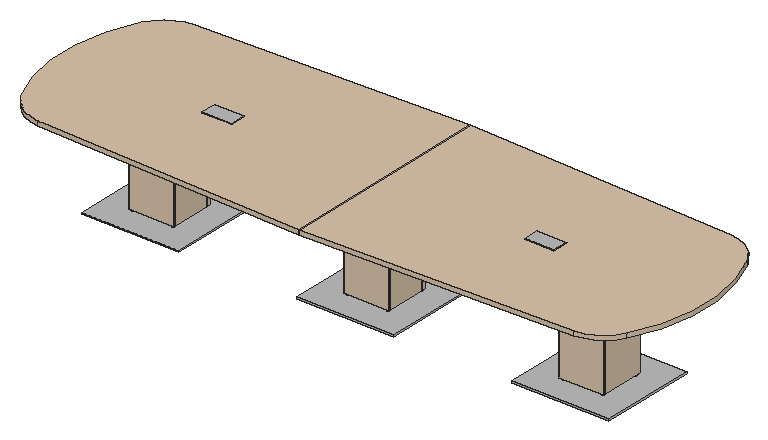
Revit family "Haworth_Planes_ColumnBaseConferenceTable_PebbleTwoPiece", category Furniture Systems, Revit 2018 (continued)
Definition of nested family "Haworth_Planes_Worksurface_Pebble_2Piece_PART"
  Definition of nested family "Haworth_Planes_Worksurface_Pebble48_TwoPiece_Part"
    Automatic sketch dimensions
      Extrusion 1 sketch curve to plane 1 "Center F/B" = 23.84"
      plane 1 "Center F/B" to Extrusion 2 sketch curve = 0"
      Extrusion 2 sketch curve to plane 3 "Center L/R" = 0"
      Extrusion 2 sketch curve to plane 3 "Center L/R" = 1.4139"  (x2)
      Extrusion 2 sketch curve to plane 3 "Center L/R" = 20.68"
      plane 1 "Center F/B" to Extrusion 2 sketch curve = 9.38407"
      Extrusion 2 sketch curve to Extrusion 2 sketch curve = 31.63762"
      Extrusion 2 sketch curve to Extrusion 2 sketch curve = 0"  (x4)
      plane 1 "Center F/B" to Extrusion 2 sketch curve = 23.84"
      Extrusion 2 sketch curve to Extrusion 2 sketch curve = 492.68669"  (x2)
      Extrusion 2 sketch curve to plane 1 "Center F/B" = 9.38407"
      Extrusion 2 sketch curve to plane 1 "Center F/B" = 23.84"
      plane 1 "Center F/B" to Extrusion 3 sketch curve = 0"
      Extrusion 3 sketch curve to plane 3 "Center L/R" = 0"
      Extrusion 3 sketch curve to plane 3 "Center L/R" = 1.41461"  (x2)
      Extrusion 3 sketch curve to plane 3 "Center L/R" = 23.68"
      plane 1 "Center F/B" to Extrusion 3 sketch curve = 9.3846"
      Extrusion 3 sketch curve to Extrusion 3 sketch curve = 31.63747"
      Extrusion 3 sketch curve to Extrusion 3 sketch curve = 0"  (x4)
      plane 1 "Center F/B" to Extrusion 3 sketch curve = 23.84"
      Extrusion 3 sketch curve to Extrusion 3 sketch curve = 556.80664"  (x2)
      Extrusion 3 sketch curve to plane 1 "Center F/B" = 9.3846"
      Extrusion 3 sketch curve to plane 1 "Center F/B" = 23.84"
      plane 1 "Center F/B" to Extrusion 4 sketch curve = 0"
      Extrusion 4 sketch curve to plane 3 "Center L/R" = 0"
      Extrusion 4 sketch curve to plane 3 "Center L/R" = 1.41698"  (x2)
      Extrusion 4 sketch curve to plane 3 "Center L/R" = 26.68"
      plane 1 "Center F/B" to Extrusion 4 sketch curve = 9.38473"
      Extrusion 4 sketch curve to Extrusion 4 sketch curve = 31.63743"
      Extrusion 4 sketch curve to Extrusion 4 sketch curve = 0"  (x4)
      plane 1 "Center F/B" to Extrusion 4 sketch curve = 23.84"
      Extrusion 4 sketch curve to Extrusion 4 sketch curve = 624.47594"  (x2)
      Extrusion 4 sketch curve to plane 1 "Center F/B" = 9.38473"
      Extrusion 4 sketch curve to plane 1 "Center F/B" = 23.84"
      plane 1 "Center F/B" to Extrusion 5 sketch curve = 0"
      Extrusion 5 sketch curve to plane 3 "Center L/R" = 0"
      Extrusion 5 sketch curve to plane 3 "Center L/R" = 1.41559"  (x2)
      Extrusion 5 sketch curve to plane 3 "Center L/R" = 29.68"
      Extrusion 5 sketch curve to plane 1 "Center F/B" = 9.38462"
      Extrusion 5 sketch curve to Extrusion 5 sketch curve = 31.63746"
      plane 1 "Center F/B" to Extrusion 5 sketch curve = 9.38462"
      Extrusion 5 sketch curve to Extrusion 5 sketch curve = 0"  (x4)
      plane 1 "Center F/B" to Extrusion 5 sketch curve = 23.84"
      Extrusion 5 sketch curve to Extrusion 5 sketch curve = 695.83328"  (x2)
      Extrusion 5 sketch curve to plane 1 "Center F/B" = 23.84"
      plane 1 "Center F/B" to Extrusion 6 sketch curve = 0"
      Extrusion 6 sketch curve to plane 3 "Center L/R" = 0"
      Extrusion 6 sketch curve to plane 3 "Center L/R" = 1.41824"  (x2)
      Extrusion 6 sketch curve to plane 3 "Center L/R" = 32.68"
      Extrusion 6 sketch curve to plane 1 "Center F/B" = 9.38431"
      Extrusion 6 sketch curve to Extrusion 6 sketch curve = 31.63755"
      plane 1 "Center F/B" to Extrusion 6 sketch curve = 9.38431"
      Extrusion 6 sketch curve to Extrusion 6 sketch curve = 0"  (x4)
      plane 1 "Center F/B" to Extrusion 6 sketch curve = 23.84"
      Extrusion 6 sketch curve to Extrusion 6 sketch curve = 770.68625"  (x2)
      Extrusion 6 sketch curve to plane 1 "Center F/B" = 23.84"
      plane 1 "Center F/B" to Extrusion 7 sketch curve = 0"
      Extrusion 7 sketch curve to plane 3 "Center L/R" = 0"
      Extrusion 7 sketch curve to plane 3 "Center L/R" = 1.41032"  (x2)
      Extrusion 7 sketch curve to plane 3 "Center L/R" = 35.68"
      Extrusion 7 sketch curve to plane 1 "Center F/B" = 9.38388"
      Extrusion 7 sketch curve to Extrusion 7 sketch curve = 31.63768"
      plane 1 "Center F/B" to Extrusion 7 sketch curve = 9.38388"
      Extrusion 7 sketch curve to Extrusion 7 sketch curve = 0"  (x4)
      plane 1 "Center F/B" to Extrusion 7 sketch curve = 23.84"
      Extrusion 7 sketch curve to Extrusion 7 sketch curve = 849.42626"  (x2)
      Extrusion 7 sketch curve to plane 1 "Center F/B" = 23.84"
      plane 1 "Center F/B" to Extrusion 8 sketch curve = 0"
      Extrusion 8 sketch curve to plane 3 "Center L/R" = 0"
      Extrusion 8 sketch curve to plane 3 "Center L/R" = 1.39882"  (x2)
      Extrusion 8 sketch curve to plane 3 "Center L/R" = 38.68"
      plane 1 "Center F/B" to Extrusion 8 sketch curve = 9.38335"
      Extrusion 8 sketch curve to Extrusion 8 sketch curve = 31.63784"
      Extrusion 8 sketch curve to Extrusion 8 sketch curve = 0"  (x4)
      plane 1 "Center F/B" to Extrusion 8 sketch curve = 23.84"
      Extrusion 8 sketch curve to Extrusion 8 sketch curve = 931.8852"  (x2)
      Extrusion 8 sketch curve to plane 1 "Center F/B" = 9.38335"
      Extrusion 8 sketch curve to plane 1 "Center F/B" = 23.84"
      plane 1 "Center F/B" to Extrusion 9 sketch curve = 0"
      Extrusion 9 sketch curve to plane 3 "Center L/R" = 0"
      Extrusion 9 sketch curve to plane 3 "Center L/R" = 1.38351"  (x2)
      Extrusion 9 sketch curve to plane 3 "Center L/R" = 41.68"
      plane 1 "Center F/B" to Extrusion 9 sketch curve = 9.38273"
      Extrusion 9 sketch curve to Extrusion 9 sketch curve = 31.63802"
      Extrusion 9 sketch curve to Extrusion 9 sketch curve = 0"  (x4)
      plane 1 "Center F/B" to Extrusion 9 sketch curve = 23.84"
      Extrusion 9 sketch curve to Extrusion 9 sketch curve = 1018.07506"  (x2)
      Extrusion 9 sketch curve to plane 1 "Center F/B" = 9.38273"
      Extrusion 9 sketch curve to plane 1 "Center F/B" = 23.84"
      plane 1 "Center F/B" to Extrusion 10 sketch curve = 0"
      Extrusion 10 sketch curve to plane 3 "Center L/R" = 0"
      Extrusion 10 sketch curve to plane 3 "Center L/R" = 1.42036"  (x2)
      Extrusion 10 sketch curve to plane 3 "Center L/R" = 44.68"
      plane 1 "Center F/B" to Extrusion 10 sketch curve = 9.38212"
      Extrusion 10 sketch curve to Extrusion 10 sketch curve = 31.6382"
      Extrusion 10 sketch curve to Extrusion 10 sketch curve = 0"  (x4)
      plane 1 "Center F/B" to Extrusion 10 sketch curve = 23.84"
      Extrusion 10 sketch curve to Extrusion 10 sketch curve = 1106.30575"  (x2)
      Extrusion 10 sketch curve to plane 1 "Center F/B" = 9.38212"
      Extrusion 10 sketch curve to plane 1 "Center F/B" = 23.84"
      plane 1 "Center F/B" to Masking region 1 sketch curve = 0"
      Masking region 1 sketch curve to plane 3 "Center L/R" = 0"
      Masking region 1 sketch curve to plane 3 "Center L/R" = 1.20585"  (x2)
      Masking region 1 sketch curve to plane 3 "Center L/R" = 17.68"
      plane 1 "Center F/B" to Masking region 1 sketch curve = 9.38323"
      Masking region 1 sketch curve to Masking region 1 sketch curve = 31.63787"
      Masking region 1 sketch curve to Masking region 1 sketch curve = 0"  (x4)
      plane 1 "Center F/B" to Masking region 1 sketch curve = 23.84"
      Masking region 1 sketch curve to Masking region 1 sketch curve = 436.36008"  (x2)
      Masking region 1 sketch curve to plane 1 "Center F/B" = 9.38323"
      Masking region 1 sketch curve to plane 1 "Center F/B" = 23.84"
      plane 1 "Center F/B" to Masking region 2 sketch curve = 0"
      Masking region 2 sketch curve to plane 3 "Center L/R" = 0"
      Masking region 2 sketch curve to plane 3 "Center L/R" = 1.4139"  (x2)
      Masking region 2 sketch curve to plane 3 "Center L/R" = 20.68"
      plane 1 "Center F/B" to Masking region 2 sketch curve = 9.38407"
      Masking region 2 sketch curve to Masking region 2 sketch curve = 31.63762"
      Masking region 2 sketch curve to Masking region 2 sketch curve = 0"  (x4)
      plane 1 "Center F/B" to Masking region 2 sketch curve = 23.84"
      Masking region 2 sketch curve to Masking region 2 sketch curve = 492.68669"  (x2)
      Masking region 2 sketch curve to plane 1 "Center F/B" = 9.38407"
      Masking region 2 sketch curve to plane 1 "Center F/B" = 23.84"
      plane 1 "Center F/B" to Masking region 3 sketch curve = 0"
      Masking region 3 sketch curve to plane 3 "Center L/R" = 0"
      Masking region 3 sketch curve to plane 3 "Center L/R" = 1.41461"  (x2)
      Masking region 3 sketch curve to plane 3 "Center L/R" = 23.68"
      plane 1 "Center F/B" to Masking region 3 sketch curve = 9.3846"
      Masking region 3 sketch curve to Masking region 3 sketch curve = 31.63747"
      Masking region 3 sketch curve to Masking region 3 sketch curve = 0"  (x4)
      plane 1 "Center F/B" to Masking region 3 sketch curve = 23.84"
      Masking region 3 sketch curve to Masking region 3 sketch curve = 556.80664"  (x2)
      Masking region 3 sketch curve to plane 1 "Center F/B" = 9.3846"
      Masking region 3 sketch curve to plane 1 "Center F/B" = 23.84"
      plane 1 "Center F/B" to Masking region 4 sketch curve = 0"
      Masking region 4 sketch curve to plane 3 "Center L/R" = 0"
      Masking region 4 sketch curve to plane 3 "Center L/R" = 1.41698"  (x2)
      Masking region 4 sketch curve to plane 3 "Center L/R" = 26.68"
      plane 1 "Center F/B" to Masking region 4 sketch curve = 9.38473"
      Masking region 4 sketch curve to Masking region 4 sketch curve = 31.63743"
      Masking region 4 sketch curve to Masking region 4 sketch curve = 0"  (x4)
      plane 1 "Center F/B" to Masking region 4 sketch curve = 23.84"
      Masking region 4 sketch curve to Masking region 4 sketch curve = 624.47594"  (x2)
      Masking region 4 sketch curve to plane 1 "Center F/B" = 9.38473"
      Masking region 4 sketch curve to plane 1 "Center F/B" = 23.84"
      plane 1 "Center F/B" to Masking region 5 sketch curve = 0"
      Masking region 5 sketch curve to plane 3 "Center L/R" = 0"
      Masking region 5 sketch curve to plane 3 "Center L/R" = 1.41559"  (x2)
      Masking region 5 sketch curve to plane 3 "Center L/R" = 29.68"
      plane 1 "Center F/B" to Masking region 5 sketch curve = 9.38462"
      Masking region 5 sketch curve to Masking region 5 sketch curve = 31.63746"
      Masking region 5 sketch curve to Masking region 5 sketch curve = 0"  (x4)
      plane 1 "Center F/B" to Masking region 5 sketch curve = 23.84"
      Masking region 5 sketch curve to Masking region 5 sketch curve = 695.83328"  (x2)
      Masking region 5 sketch curve to plane 1 "Center F/B" = 9.38462"
      Masking region 5 sketch curve to plane 1 "Center F/B" = 23.84"
      plane 1 "Center F/B" to Masking region 6 sketch curve = 0"
      Masking region 6 sketch curve to plane 3 "Center L/R" = 0"
      Masking region 6 sketch curve to plane 3 "Center L/R" = 1.41824"  (x2)
      Masking region 6 sketch curve to plane 3 "Center L/R" = 32.68"
      plane 1 "Center F/B" to Masking region 6 sketch curve = 9.38431"
      Masking region 6 sketch curve to Masking region 6 sketch curve = 31.63755"
      Masking region 6 sketch curve to Masking region 6 sketch curve = 0"  (x4)
      plane 1 "Center F/B" to Masking region 6 sketch curve = 23.84"
      Masking region 6 sketch curve to Masking region 6 sketch curve = 770.68625"  (x2)
      Masking region 6 sketch curve to plane 1 "Center F/B" = 9.38431"
      Masking region 6 sketch curve to plane 1 "Center F/B" = 23.84"
      plane 1 "Center F/B" to Masking region 7 sketch curve = 0"
      Masking region 7 sketch curve to plane 3 "Center L/R" = 0"
      Masking region 7 sketch curve to plane 3 "Center L/R" = 1.41032"  (x2)
      Masking region 7 sketch curve to plane 3 "Center L/R" = 35.68"
      plane 1 "Center F/B" to Masking region 7 sketch curve = 9.38388"
      Masking region 7 sketch curve to Masking region 7 sketch curve = 31.63768"
      Masking region 7 sketch curve to Masking region 7 sketch curve = 0"  (x4)
      plane 1 "Center F/B" to Masking region 7 sketch curve = 23.84"
      Masking region 7 sketch curve to Masking region 7 sketch curve = 849.42626"  (x2)
      Masking region 7 sketch curve to plane 1 "Center F/B" = 9.38388"
      Masking region 7 sketch curve to plane 1 "Center F/B" = 23.84"
      plane 1 "Center F/B" to Masking region 8 sketch curve = 0"
      Masking region 8 sketch curve to plane 3 "Center L/R" = 0"
      Masking region 8 sketch curve to plane 3 "Center L/R" = 1.39882"  (x2)
      Masking region 8 sketch curve to plane 3 "Center L/R" = 38.68"
      plane 1 "Center F/B" to Masking region 8 sketch curve = 9.38335"
      Masking region 8 sketch curve to Masking region 8 sketch curve = 31.63784"
      Masking region 8 sketch curve to Masking region 8 sketch curve = 0"  (x4)
      plane 1 "Center F/B" to Masking region 8 sketch curve = 23.84"
      Masking region 8 sketch curve to Masking region 8 sketch curve = 931.8852"  (x2)
      Masking region 8 sketch curve to plane 1 "Center F/B" = 9.38335"
      Masking region 8 sketch curve to plane 1 "Center F/B" = 23.84"
      plane 1 "Center F/B" to Masking region 9 sketch curve = 0"
      Masking region 9 sketch curve to plane 3 "Center L/R" = 0"
      Masking region 9 sketch curve to plane 3 "Center L/R" = 1.38351"  (x2)
      Masking region 9 sketch curve to plane 3 "Center L/R" = 41.68"
      plane 1 "Center F/B" to Masking region 9 sketch curve = 9.38273"
      Masking region 9 sketch curve to Masking region 9 sketch curve = 31.63802"
      Masking region 9 sketch curve to Masking region 9 sketch curve = 0"  (x4)
      plane 1 "Center F/B" to Masking region 9 sketch curve = 23.84"
      Masking region 9 sketch curve to Masking region 9 sketch curve = 1018.07506"  (x2)
      Masking region 9 sketch curve to plane 1 "Center F/B" = 9.38273"
      Masking region 9 sketch curve to plane 1 "Center F/B" = 23.84"
      plane 1 "Center F/B" to Masking region 10 sketch curve = 0"
      Masking region 10 sketch curve to plane 3 "Center L/R" = 0"
      Masking region 10 sketch curve to plane 3 "Center L/R" = 1.42036"  (x2)
      Masking region 10 sketch curve to plane 3 "Center L/R" = 44.68"
      plane 1 "Center F/B" to Masking region 10 sketch curve = 9.38212"
      Masking region 10 sketch curve to Masking region 10 sketch curve = 31.6382"
      Masking region 10 sketch curve to Masking region 10 sketch curve = 0"  (x4)
      plane 1 "Center F/B" to Masking region 10 sketch curve = 23.84"
      Masking region 10 sketch curve to Masking region 10 sketch curve = 1106.30575"  (x2)
      Masking region 10 sketch curve to plane 1 "Center F/B" = 9.38212"
      Masking region 10 sketch curve to plane 1 "Center F/B" = 23.84"
      plane 1 "Center F/B" to Extrusion 11 sketch curve = 0"
      Extrusion 11 sketch curve to plane 3 "Center L/R" = 0"
      Extrusion 11 sketch curve to plane 3 "Center L/R" = 1.20585"  (x2)
      Extrusion 11 sketch curve to plane 3 "Center L/R" = 17.68"
      plane 1 "Center F/B" to Extrusion 11 sketch curve = 9.38323"
      Extrusion 11 sketch curve to Extrusion 11 sketch curve = 31.63787"
      Extrusion 11 sketch curve to plane 1 "Center F/B" = 9.38323"
      Extrusion 11 sketch curve to Extrusion 11 sketch curve = 0"  (x4)
      Extrusion 11 sketch curve to plane 1 "Center F/B" = 23.84"
      Extrusion 11 sketch curve to Extrusion 11 sketch curve = 436.36008"  (x2)
      plane 1 "Center F/B" to Extrusion 11 sketch curve = 23.84"
      plane 1 "Center F/B" to Extrusion 12 sketch curve = 0"
      Extrusion 12 sketch curve to plane 3 "Center L/R" = 0"
      Extrusion 12 sketch curve to plane 3 "Center L/R" = 1.4139"  (x2)
      Extrusion 12 sketch curve to plane 3 "Center L/R" = 20.68"
      Extrusion 12 sketch curve to plane 1 "Center F/B" = 9.38407"
      Extrusion 12 sketch curve to Extrusion 12 sketch curve = 31.63762"
      Extrusion 12 sketch curve to Extrusion 12 sketch curve = 0"  (x4)
      Extrusion 12 sketch curve to plane 1 "Center F/B" = 23.84"
      Extrusion 12 sketch curve to Extrusion 12 sketch curve = 492.68669"  (x2)
      plane 1 "Center F/B" to Extrusion 12 sketch curve = 9.38407"
      plane 1 "Center F/B" to Extrusion 12 sketch curve = 23.84"
      plane 1 "Center F/B" to Extrusion 13 sketch curve = 0"
      Extrusion 13 sketch curve to plane 3 "Center L/R" = 0"
      Extrusion 13 sketch curve to plane 3 "Center L/R" = 1.41461"  (x2)
      Extrusion 13 sketch curve to plane 3 "Center L/R" = 23.68"
      Extrusion 13 sketch curve to plane 1 "Center F/B" = 9.3846"
      Extrusion 13 sketch curve to Extrusion 13 sketch curve = 31.63747"
      Extrusion 13 sketch curve to Extrusion 13 sketch curve = 0"  (x4)
      Extrusion 13 sketch curve to plane 1 "Center F/B" = 23.84"
      Extrusion 13 sketch curve to Extrusion 13 sketch curve = 556.80664"  (x2)
      plane 1 "Center F/B" to Extrusion 13 sketch curve = 9.3846"
      plane 1 "Center F/B" to Extrusion 13 sketch curve = 23.84"
      plane 1 "Center F/B" to Extrusion 14 sketch curve = 0"
      Extrusion 14 sketch curve to plane 3 "Center L/R" = 0"
      Extrusion 14 sketch curve to plane 3 "Center L/R" = 1.41698"  (x2)
      Extrusion 14 sketch curve to plane 3 "Center L/R" = 26.68"
      Extrusion 14 sketch curve to plane 1 "Center F/B" = 9.38473"
      Extrusion 14 sketch curve to Extrusion 14 sketch curve = 31.63743"
      Extrusion 14 sketch curve to Extrusion 14 sketch curve = 0"  (x4)
      Extrusion 14 sketch curve to plane 1 "Center F/B" = 23.84"
      Extrusion 14 sketch curve to Extrusion 14 sketch curve = 624.47594"  (x2)
      plane 1 "Center F/B" to Extrusion 14 sketch curve = 9.38473"
      plane 1 "Center F/B" to Extrusion 14 sketch curve = 23.84"
      plane 1 "Center F/B" to Extrusion 15 sketch curve = 0"
      Extrusion 15 sketch curve to plane 3 "Center L/R" = 0"
      Extrusion 15 sketch curve to plane 3 "Center L/R" = 1.41559"  (x2)
      Extrusion 15 sketch curve to plane 3 "Center L/R" = 29.68"
      plane 1 "Center F/B" to Extrusion 15 sketch curve = 9.38462"
      Extrusion 15 sketch curve to Extrusion 15 sketch curve = 31.63746"
      Extrusion 15 sketch curve to plane 1 "Center F/B" = 9.38462"
      Extrusion 15 sketch curve to Extrusion 15 sketch curve = 0"  (x4)
      Extrusion 15 sketch curve to plane 1 "Center F/B" = 23.84"
      Extrusion 15 sketch curve to Extrusion 15 sketch curve = 695.83328"  (x2)
      plane 1 "Center F/B" to Extrusion 15 sketch curve = 23.84"
      plane 1 "Center F/B" to Extrusion 16 sketch curve = 0"
      Extrusion 16 sketch curve to plane 3 "Center L/R" = 0"
      Extrusion 16 sketch curve to plane 3 "Center L/R" = 1.41824"  (x2)
      Extrusion 16 sketch curve to plane 3 "Center L/R" = 32.68"
      plane 1 "Center F/B" to Extrusion 16 sketch curve = 9.38431"
      Extrusion 16 sketch curve to Extrusion 16 sketch curve = 31.63755"
      Extrusion 16 sketch curve to plane 1 "Center F/B" = 9.38431"
      Extrusion 16 sketch curve to Extrusion 16 sketch curve = 0"  (x4)
      Extrusion 16 sketch curve to plane 1 "Center F/B" = 23.84"
      Extrusion 16 sketch curve to Extrusion 16 sketch curve = 770.68625"  (x2)
      plane 1 "Center F/B" to Extrusion 16 sketch curve = 23.84"
      plane 1 "Center F/B" to Extrusion 17 sketch curve = 0"
      Extrusion 17 sketch curve to plane 3 "Center L/R" = 0"
      Extrusion 17 sketch curve to plane 3 "Center L/R" = 1.41032"  (x2)
      Extrusion 17 sketch curve to plane 3 "Center L/R" = 35.68"
      plane 1 "Center F/B" to Extrusion 17 sketch curve = 9.38388"
      Extrusion 17 sketch curve to Extrusion 17 sketch curve = 31.63768"
      Extrusion 17 sketch curve to plane 1 "Center F/B" = 9.38388"
      Extrusion 17 sketch curve to Extrusion 17 sketch curve = 0"  (x4)
      Extrusion 17 sketch curve to plane 1 "Center F/B" = 23.84"
      Extrusion 17 sketch curve to Extrusion 17 sketch curve = 849.42626"  (x2)
      plane 1 "Center F/B" to Extrusion 17 sketch curve = 23.84"
      plane 1 "Center F/B" to Extrusion 18 sketch curve = 0"
      Extrusion 18 sketch curve to plane 3 "Center L/R" = 0"
      Extrusion 18 sketch curve to plane 3 "Center L/R" = 1.39882"  (x2)
      Extrusion 18 sketch curve to plane 3 "Center L/R" = 38.68"
      Extrusion 18 sketch curve to plane 1 "Center F/B" = 9.38335"
      Extrusion 18 sketch curve to Extrusion 18 sketch curve = 31.63784"
      Extrusion 18 sketch curve to Extrusion 18 sketch curve = 0"  (x4)
      Extrusion 18 sketch curve to plane 1 "Center F/B" = 23.84"
      Extrusion 18 sketch curve to Extrusion 18 sketch curve = 931.8852"  (x2)
      plane 1 "Center F/B" to Extrusion 18 sketch curve = 9.38335"
      plane 1 "Center F/B" to Extrusion 18 sketch curve = 23.84"
      plane 1 "Center F/B" to Extrusion 19 sketch curve = 0"
      Extrusion 19 sketch curve to plane 3 "Center L/R" = 0"
      Extrusion 19 sketch curve to plane 3 "Center L/R" = 1.38351"  (x2)
      Extrusion 19 sketch curve to plane 3 "Center L/R" = 41.68"
      Extrusion 19 sketch curve to plane 1 "Center F/B" = 9.38273"
      Extrusion 19 sketch curve to Extrusion 19 sketch curve = 31.63802"
      Extrusion 19 sketch curve to Extrusion 19 sketch curve = 0"  (x4)
      Extrusion 19 sketch curve to plane 1 "Center F/B" = 23.84"
      Extrusion 19 sketch curve to Extrusion 19 sketch curve = 1018.07506"  (x2)
      plane 1 "Center F/B" to Extrusion 19 sketch curve = 9.38273"
      plane 1 "Center F/B" to Extrusion 19 sketch curve = 23.84"
      plane 1 "Center F/B" to Extrusion 20 sketch curve = 0"
      Extrusion 20 sketch curve to plane 3 "Center L/R" = 0"
      Extrusion 20 sketch curve to plane 3 "Center L/R" = 1.42036"  (x2)
      Extrusion 20 sketch curve to plane 3 "Center L/R" = 44.68"
      Extrusion 20 sketch curve to plane 1 "Center F/B" = 9.38212"
      Extrusion 20 sketch curve to Extrusion 20 sketch curve = 31.6382"
      Extrusion 20 sketch curve to Extrusion 20 sketch curve = 0"  (x4)
      Extrusion 20 sketch curve to plane 1 "Center F/B" = 23.84"
      Extrusion 20 sketch curve to Extrusion 20 sketch curve = 1106.30575"  (x2)
      plane 1 "Center F/B" to Extrusion 20 sketch curve = 9.38212"
      plane 1 "Center F/B" to Extrusion 20 sketch curve = 23.84"
      Masking region 11 sketch curve to plane 3 "Center L/R" = 0"
      plane 1 "Center F/B" to Masking region 11 sketch curve = 0"
      plane 1 "Center F/B" to Masking region 11 sketch curve = 9.38323"
      plane 1 "Center F/B" to Masking region 11 sketch curve = 23.84"
      plane 3 "Center L/R" to Masking region 11 sketch curve = 1.20585"  (x2)
      Masking region 11 sketch curve to Masking region 11 sketch curve = 436.36008"  (x2)
      Masking region 11 sketch curve to plane 1 "Center F/B" = 9.38323"
      Masking region 11 sketch curve to plane 1 "Center F/B" = 23.84"
      plane 3 "Center L/R" to Masking region 11 sketch curve = 17.68"
      Masking region 11 sketch curve to Masking region 11 sketch curve = 31.63787"
      Masking region 11 sketch curve to Masking region 11 sketch curve = 0"  (x3)
      Masking region 11 sketch curve to Masking region 11 sketch curve = 3.41208"
      Masking region 12 sketch curve to plane 3 "Center L/R" = 0"
      plane 1 "Center F/B" to Masking region 12 sketch curve = 0"
      plane 1 "Center F/B" to Masking region 12 sketch curve = 9.38407"
      plane 1 "Center F/B" to Masking region 12 sketch curve = 23.84"
      plane 3 "Center L/R" to Masking region 12 sketch curve = 1.4139"  (x2)
      Masking region 12 sketch curve to Masking region 12 sketch curve = 492.68669"  (x2)
      Masking region 12 sketch curve to plane 1 "Center F/B" = 9.38407"
      Masking region 12 sketch curve to plane 1 "Center F/B" = 23.84"
      plane 3 "Center L/R" to Masking region 12 sketch curve = 20.68"
      Masking region 12 sketch curve to Masking region 12 sketch curve = 31.63762"
      Masking region 12 sketch curve to Masking region 12 sketch curve = 0"  (x3)
      Masking region 12 sketch curve to Masking region 12 sketch curve = 3.41239"
      Masking region 13 sketch curve to plane 3 "Center L/R" = 0"
      plane 1 "Center F/B" to Masking region 13 sketch curve = 0"
      plane 1 "Center F/B" to Masking region 13 sketch curve = 9.3846"
      plane 1 "Center F/B" to Masking region 13 sketch curve = 23.84"
      plane 3 "Center L/R" to Masking region 13 sketch curve = 1.41461"  (x2)
      Masking region 13 sketch curve to Masking region 13 sketch curve = 556.80664"  (x2)
      Masking region 13 sketch curve to plane 1 "Center F/B" = 9.3846"
      Masking region 13 sketch curve to plane 1 "Center F/B" = 23.84"
      plane 3 "Center L/R" to Masking region 13 sketch curve = 23.68"
      Masking region 13 sketch curve to Masking region 13 sketch curve = 31.63747"
      Masking region 13 sketch curve to Masking region 13 sketch curve = 0"  (x3)
      Masking region 13 sketch curve to Masking region 13 sketch curve = 3.41258"
      Masking region 14 sketch curve to plane 3 "Center L/R" = 0"
      plane 1 "Center F/B" to Masking region 14 sketch curve = 0"
      plane 1 "Center F/B" to Masking region 14 sketch curve = 9.38473"
      plane 1 "Center F/B" to Masking region 14 sketch curve = 23.84"
      plane 3 "Center L/R" to Masking region 14 sketch curve = 1.41698"  (x2)
      Masking region 14 sketch curve to Masking region 14 sketch curve = 624.47594"  (x2)
      Masking region 14 sketch curve to plane 1 "Center F/B" = 9.38473"
      Masking region 14 sketch curve to plane 1 "Center F/B" = 23.84"
      plane 3 "Center L/R" to Masking region 14 sketch curve = 26.68"
      Masking region 14 sketch curve to Masking region 14 sketch curve = 31.63743"
      Masking region 14 sketch curve to Masking region 14 sketch curve = 0"  (x3)
      Masking region 14 sketch curve to Masking region 14 sketch curve = 3.41263"
      Masking region 15 sketch curve to plane 3 "Center L/R" = 0"
      plane 1 "Center F/B" to Masking region 15 sketch curve = 0"
      plane 1 "Center F/B" to Masking region 15 sketch curve = 9.38462"
      plane 1 "Center F/B" to Masking region 15 sketch curve = 23.84"
      plane 3 "Center L/R" to Masking region 15 sketch curve = 1.41559"  (x2)
      Masking region 15 sketch curve to Masking region 15 sketch curve = 695.83328"  (x2)
      Masking region 15 sketch curve to plane 1 "Center F/B" = 9.38462"
      Masking region 15 sketch curve to plane 1 "Center F/B" = 23.84"
      plane 3 "Center L/R" to Masking region 15 sketch curve = 29.68"
      Masking region 15 sketch curve to Masking region 15 sketch curve = 31.63746"
      Masking region 15 sketch curve to Masking region 15 sketch curve = 0"  (x3)
      Masking region 15 sketch curve to Masking region 15 sketch curve = 3.41259"
      Masking region 16 sketch curve to plane 3 "Center L/R" = 0"
      plane 1 "Center F/B" to Masking region 16 sketch curve = 0"
      plane 1 "Center F/B" to Masking region 16 sketch curve = 9.38431"
      plane 1 "Center F/B" to Masking region 16 sketch curve = 23.84"
      plane 3 "Center L/R" to Masking region 16 sketch curve = 1.41824"  (x2)
      Masking region 16 sketch curve to Masking region 16 sketch curve = 770.68625"  (x2)
      Masking region 16 sketch curve to plane 1 "Center F/B" = 9.38431"
      Masking region 16 sketch curve to plane 1 "Center F/B" = 23.84"
      plane 3 "Center L/R" to Masking region 16 sketch curve = 32.68"
      Masking region 16 sketch curve to Masking region 16 sketch curve = 31.63755"
      Masking region 16 sketch curve to Masking region 16 sketch curve = 0"  (x3)
      Masking region 16 sketch curve to Masking region 16 sketch curve = 3.41248"
      Masking region 17 sketch curve to plane 3 "Center L/R" = 0"
      plane 1 "Center F/B" to Masking region 17 sketch curve = 0"
      plane 1 "Center F/B" to Masking region 17 sketch curve = 9.38388"
      plane 1 "Center F/B" to Masking region 17 sketch curve = 23.84"
      plane 3 "Center L/R" to Masking region 17 sketch curve = 1.41032"  (x2)
      Masking region 17 sketch curve to Masking region 17 sketch curve = 849.42626"  (x2)
      Masking region 17 sketch curve to plane 1 "Center F/B" = 9.38388"
      Masking region 17 sketch curve to plane 1 "Center F/B" = 23.84"
      plane 3 "Center L/R" to Masking region 17 sketch curve = 35.68"
      Masking region 17 sketch curve to Masking region 17 sketch curve = 31.63768"
      Masking region 17 sketch curve to Masking region 17 sketch curve = 0"  (x3)
      Masking region 17 sketch curve to Masking region 17 sketch curve = 3.41232"
      Masking region 18 sketch curve to plane 3 "Center L/R" = 0"
      plane 1 "Center F/B" to Masking region 18 sketch curve = 0"
      plane 1 "Center F/B" to Masking region 18 sketch curve = 9.38335"
      plane 1 "Center F/B" to Masking region 18 sketch curve = 23.84"
      plane 3 "Center L/R" to Masking region 18 sketch curve = 1.39882"  (x2)
      Masking region 18 sketch curve to Masking region 18 sketch curve = 931.8852"  (x2)
      Masking region 18 sketch curve to plane 1 "Center F/B" = 9.38335"
      Masking region 18 sketch curve to plane 1 "Center F/B" = 23.84"
      plane 3 "Center L/R" to Masking region 18 sketch curve = 38.68"
      Masking region 18 sketch curve to Masking region 18 sketch curve = 31.63784"
      Masking region 18 sketch curve to Masking region 18 sketch curve = 0"  (x3)
      Masking region 18 sketch curve to Masking region 18 sketch curve = 3.41213"
      Masking region 19 sketch curve to plane 3 "Center L/R" = 0"
      plane 1 "Center F/B" to Masking region 19 sketch curve = 0"
      plane 1 "Center F/B" to Masking region 19 sketch curve = 9.38273"
      plane 1 "Center F/B" to Masking region 19 sketch curve = 23.84"
      plane 3 "Center L/R" to Masking region 19 sketch curve = 1.38351"  (x2)
      Masking region 19 sketch curve to Masking region 19 sketch curve = 1018.07506"  (x2)
      Masking region 19 sketch curve to plane 1 "Center F/B" = 9.38273"
      Masking region 19 sketch curve to plane 1 "Center F/B" = 23.84"
      plane 3 "Center L/R" to Masking region 19 sketch curve = 41.68"
      Masking region 19 sketch curve to Masking region 19 sketch curve = 31.63802"
      Masking region 19 sketch curve to Masking region 19 sketch curve = 0"  (x3)
      Masking region 19 sketch curve to Masking region 19 sketch curve = 3.4119"
      Masking region 20 sketch curve to plane 3 "Center L/R" = 0"
      plane 1 "Center F/B" to Masking region 20 sketch curve = 0"
      plane 1 "Center F/B" to Masking region 20 sketch curve = 9.38212"
      plane 1 "Center F/B" to Masking region 20 sketch curve = 23.84"
      plane 3 "Center L/R" to Masking region 20 sketch curve = 1.42036"  (x2)
      Masking region 20 sketch curve to Masking region 20 sketch curve = 1106.30575"  (x2)
      Masking region 20 sketch curve to plane 1 "Center F/B" = 9.38212"
      Masking region 20 sketch curve to plane 1 "Center F/B" = 23.84"
      plane 3 "Center L/R" to Masking region 20 sketch curve = 44.68"
      Masking region 20 sketch curve to Masking region 20 sketch curve = 31.6382"
      Masking region 20 sketch curve to Masking region 20 sketch curve = 0"  (x3)
      Masking region 20 sketch curve to Masking region 20 sketch curve = 3.41168"
      curve 1 to plane 3 "Center L/R" = 0"
      plane 1 "Center F/B" to curve 1 = 23.84"
      curve 1 to plane 1 "Center F/B" = 23.84"
  Definition of nested family "Haworth_Planes_Worksurface_Pebble54_TwoPiece_Part"
    Parameters (values of type "Worksurface")
      Width = 180"
      Warranty = "https://www.haworth.com/resources/product-info/warranties"
      URL - Product = ""
      URL = "www.haworth.com"
      Thickness = 1 3/16"
      Table Finish = none
      Table Edge Finish = none
      Revision Number = ""
      Note = "Verify Final Dim. w/ Haworth"  # constant formula
      Min. Width = 126"  # constant formula
      Min. Depth = 54"  # constant formula
      Max. Width = 180"  # constant formula
      Max. Depth = 54"  # constant formula
      Manufacturer = "Haworth"  # constant formula
      Depth = 54"  # constant formula
      Cutout Width = 8"  # constant formula
      Cutout Dimension = 3"  # constant formula
      Cutout Depth = 4"  # constant formula
      Center Cutout Offset = Actual Width / 4  # 45"
      Author = "Haworth (Alias)"  # constant formula
      Assembly Code = ""
      Actual Width = if(Width < Min. Width, Min. Width, if(Width > Max. Width, Max. Width, Width))  # 180"
      Actual Height = 29"
      Actual Depth = if(Depth > Max. Depth, Max. Depth, if(Depth < Min. Depth, Min. Depth, Depth))  # 54"
      180w = and(177" < Actual Width, Actual Width < 181")  # yes
      174w = and(171" < Actual Width, Actual Width < 178")  # no
      168w = and(165" < Actual Width, Actual Width < 172")  # no
      162w = and(159" < Actual Width, Actual Width < 166")  # no
      156w = and(153" < Actual Width, Actual Width < 160")  # no
      150w = and(147" < Actual Width, Actual Width < 154")  # no
      144w = and(141" < Actual Width, Actual Width < 148")  # no
      138w = and(135" < Actual Width, Actual Width < 142")  # no
      132w = and(129" < Actual Width, Actual Width < 136")  # no
      126w = and(125" < Actual Width, Actual Width < 130")  # no
    Reference planes (in)
      plane 1 "Center F/B": y = 15
      plane 2 "Bottom": z = 0
      plane 3 "Center L/R": x = 0
      plane 4 "Table Top": z = 29
      plane 5 "Table Bottom": z = 27.8125
      plane 6 "Cutout Top": z = 30
      plane 7 "Cutout Bottom": z = 27
      plane 8 "KnifeEdge Middle": z = 28.625
    Forms (in)
      Extrusion 1, solid, material <- "Table Finish", visible <- "126w"
        sketch origin (-221.13518, 407.89869, 0) x (1, 0, 0) y (0, 1, 0)
          loop
            arc (221.13518, -366.05869) -> (196.33904, -366.65046) -> (171.61101, -368.58001) r 459.27318
            arc (171.61101, -368.58001) -> (165.64825, -370.92836) -> (161.74437, -376.01058) r 12
            arc (161.74437, -376.01058) -> (158.45518, -392.89869) -> (161.74437, -409.78679) r 45
            arc (161.74437, -409.78679) -> (165.64825, -414.86901) -> (171.61101, -417.21736) r 12
            arc (171.61101, -417.21736) -> (196.33904, -419.14691) -> (221.13518, -419.73869) r 459.27318
            line (221.13518, -419.73869) -> (221.13518, -366.05869)
        from 27.8125 to 29
      Extrusion 2, solid, material <- "Table Finish", visible <- "132w"
        sketch origin (-221.21847, 351.01367, 0) x (1, 0, 0) y (0, 1, 0)
          loop
            arc (221.21847, -309.17367) -> (194.96263, -309.76544) -> (168.77045, -311.6862) r 518.38724
            arc (168.77045, -311.6862) -> (162.76257, -314.0193) -> (158.82824, -319.1241) r 12
            arc (158.82824, -319.1241) -> (155.53847, -336.01367) -> (158.82824, -352.90323) r 45
            arc (158.82824, -352.90323) -> (162.76257, -358.00804) -> (168.77045, -360.34114) r 12
            arc (168.77045, -360.34114) -> (194.96263, -362.2619) -> (221.21847, -362.85367) r 518.38724
            line (221.21847, -362.85367) -> (221.21847, -309.17367)
        from 27.8125 to 29
      Extrusion 3, solid, material <- "Table Finish", visible <- "138w"
        sketch origin (-221.77163, 294.07069, 0) x (1, 0, 0) y (0, 1, 0)
          loop
            arc (221.77163, -252.23069) -> (194.05134, -252.82272) -> (166.39083, -254.73625) r 581.13812
            arc (166.39083, -254.73625) -> (160.34301, -257.0556) -> (156.3817, -262.18039) r 12
            arc (156.3817, -262.18039) -> (153.09163, -279.07069) -> (156.3817, -295.96099) r 45
            arc (156.3817, -295.96099) -> (160.34301, -301.08578) -> (166.39083, -303.40513) r 12
            arc (166.39083, -303.40513) -> (194.05134, -305.31867) -> (221.77163, -305.91069) r 581.13812
            line (221.77163, -305.91069) -> (221.77163, -252.23069)
        from 27.8125 to 29
      Extrusion 4, solid, material <- "Table Finish", visible <- "144w"
        sketch origin (-221.50834, 236.362, 0) x (1, 0, 0) y (0, 1, 0)
          loop
            arc (221.50834, -194.522) -> (192.31967, -195.11452) -> (163.18737, -197.02199) r 647.58751
            arc (163.18737, -197.02199) -> (157.1039, -199.32886) -> (153.11849, -204.4715) r 12
            arc (153.11849, -204.4715) -> (149.82834, -221.362) -> (153.11849, -238.2525) r 45
            arc (153.11849, -238.2525) -> (157.1039, -243.39514) -> (163.18737, -245.70201) r 12
            arc (163.18737, -245.70201) -> (192.31967, -247.60948) -> (221.50834, -248.202) r 647.58751
            line (221.50834, -248.202) -> (221.50834, -194.522)
        from 27.8125 to 29
      Extrusion 5, solid, material <- "Table Finish", visible <- "150w"
        sketch origin (-221.50834, 180.20212, 0) x (1, 0, 0) y (0, 1, 0)
          loop
            arc (221.50834, -138.36212) -> (190.84792, -138.95512) -> (160.24084, -140.85763) r 717.54845
            arc (160.24084, -140.85763) -> (154.12544, -143.15317) -> (150.11843, -148.31178) r 12
            arc (150.11843, -148.31178) -> (146.82834, -165.20212) -> (150.11843, -182.09245) r 45
            arc (150.11843, -182.09245) -> (154.12544, -187.25107) -> (160.24084, -189.5466) r 12
            arc (160.24084, -189.5466) -> (190.84792, -191.44911) -> (221.50834, -192.04212) r 717.54845
            line (221.50834, -192.04212) -> (221.50834, -138.36212)
        from 27.8125 to 29
      Extrusion 6, solid, material <- "Table Finish", visible <- "156w"
        sketch origin (-221.06588, 123.99157, 0) x (1, 0, 0) y (0, 1, 0)
          loop
            arc (221.06588, -82.15157) -> (188.93089, -82.74512) -> (156.84652, -84.64347) r 791.10776
            arc (156.84652, -84.64347) -> (150.70232, -86.92864) -> (146.67579, -92.10167) r 12
            arc (146.67579, -92.10167) -> (143.38588, -108.99157) -> (146.67579, -125.88147) r 45
            arc (146.67579, -125.88147) -> (150.70232, -131.0545) -> (156.84652, -133.33968) r 12
            arc (156.84652, -133.33968) -> (188.93089, -135.23802) -> (221.06588, -135.83157) r 791.10776
            line (221.06588, -135.83157) -> (221.06588, -82.15157)
        from 27.8125 to 29
      Extrusion 7, solid, material <- "Table Finish", visible <- "162w"
        sketch origin (-221.06205, 66.43042, 0) x (1, 0, 0) y (0, 1, 0)
          loop
            arc (221.06205, -24.59042) -> (187.45008, -25.18458) -> (153.8863, -27.07937) r 868.31265
            arc (153.8863, -27.07937) -> (147.71595, -29.35503) -> (143.6717, -34.54115) r 12
            arc (143.6717, -34.54115) -> (140.38205, -51.43042) -> (143.6717, -68.31968) r 45
            arc (143.6717, -68.31968) -> (147.71595, -73.5058) -> (153.8863, -75.78146) r 12
            arc (153.8863, -75.78146) -> (187.45008, -77.67625) -> (221.06205, -78.27042) r 868.31265
            line (221.06205, -78.27042) -> (221.06205, -24.59042)
        from 27.8125 to 29
      Extrusion 8, solid, material <- "Table Finish", visible <- "168w"
        sketch origin (-221.21549, 9.00195, 0) x (1, 0, 0) y (0, 1, 0)
          loop
            arc (221.21549, 32.83805) -> (186.12443, 32.24334) -> (151.07935, 30.35148) r 948.97625
            arc (151.07935, 30.35148) -> (144.88522, 28.08457) -> (140.82484, 22.88654) r 12
            arc (140.82484, 22.88654) -> (137.53549, 5.99805) -> (140.82484, -10.89045) r 45
            arc (140.82484, -10.89045) -> (144.88522, -16.08848) -> (151.07935, -18.35539) r 12
            arc (151.07935, -18.35539) -> (186.12443, -20.24725) -> (221.21549, -20.84195) r 948.97625
            line (221.21549, -20.84195) -> (221.21549, 32.83805)
        from 27.8125 to 29
      Extrusion 9, solid, material <- "Table Finish", visible <- "174w"
        sketch origin (-221.21549, -47.63208, 0) x (1, 0, 0) y (0, 1, 0)
          loop
            arc (221.21549, 89.47208) -> (184.64355, 88.87678) -> (148.11558, 86.98748) r 1033.30739
            arc (148.11558, 86.98748) -> (141.89965, 84.72865) -> (137.82449, 79.51971) r 12
            arc (137.82449, 79.51971) -> (134.53549, 62.63208) -> (137.82449, 45.74445) r 45
            arc (137.82449, 45.74445) -> (141.89965, 40.53551) -> (148.11558, 38.27669) r 12
            arc (148.11558, 38.27669) -> (184.64355, 36.38739) -> (221.21549, 35.79208) r 1033.30739
            line (221.21549, 35.79208) -> (221.21549, 89.47208)
        from 27.8125 to 29
      Extrusion 10, solid, material <- "Table Finish", visible <- "180w"
        sketch origin (-221.21415, -104.34818, 0) x (1, 0, 0) y (0, 1, 0)
          loop
            arc (221.21415, 146.18818) -> (183.15976, 145.59223) -> (145.1475, 143.70518) r 1121.31339
            arc (145.1475, 143.70518) -> (138.91154, 141.45386) -> (134.82277, 136.23488) r 12
            arc (134.82277, 136.23488) -> (131.53415, 119.34818) -> (134.82277, 102.46149) r 45
            arc (134.82277, 102.46149) -> (138.91154, 97.24251) -> (145.1475, 94.99119) r 12
            arc (145.1475, 94.99119) -> (183.15976, 93.10414) -> (221.21415, 92.50818) r 1121.31339
            line (221.21415, 92.50818) -> (221.21415, 146.18818)
        from 27.8125 to 29
      Extrusion 11, solid, material <- "Table Finish", visible <- "126w"
        sketch origin (221.13518, 407.89869, 0) x (-1, 0, 0) y (0, -1, 0)
          loop
            line (221.13518, 366.05869) -> (221.13518, 419.73869)
            arc (221.13518, 419.73869) -> (196.33904, 419.14691) -> (171.61101, 417.21736) r 459.27318
            arc (171.61101, 417.21736) -> (165.64825, 414.86901) -> (161.74437, 409.78679) r 12
            arc (161.74437, 409.78679) -> (158.45518, 392.89869) -> (161.74437, 376.01058) r 45
            arc (161.74437, 376.01058) -> (165.64825, 370.92836) -> (171.61101, 368.58001) r 12
            arc (171.61101, 368.58001) -> (196.33904, 366.65046) -> (221.13518, 366.05869) r 459.27318
        from 27.8125 to 29
      Extrusion 12, solid, material <- "Table Finish", visible <- "132w"
        sketch origin (221.21847, 351.01367, 0) x (-1, 0, 0) y (0, -1, 0)
          loop
            line (221.21847, 309.17367) -> (221.21847, 362.85367)
            arc (221.21847, 362.85367) -> (194.96263, 362.2619) -> (168.77045, 360.34114) r 518.38724
            arc (168.77045, 360.34114) -> (162.76257, 358.00804) -> (158.82824, 352.90323) r 12
            arc (158.82824, 352.90323) -> (155.53847, 336.01367) -> (158.82824, 319.1241) r 45
            arc (158.82824, 319.1241) -> (162.76257, 314.0193) -> (168.77045, 311.6862) r 12
            arc (168.77045, 311.6862) -> (194.96263, 309.76544) -> (221.21847, 309.17367) r 518.38724
        from 27.8125 to 29
      Extrusion 13, solid, material <- "Table Finish", visible <- "138w"
        sketch origin (221.77163, 294.07069, 0) x (-1, 0, 0) y (0, -1, 0)
          loop
            line (221.77163, 252.23069) -> (221.77163, 305.91069)
            arc (221.77163, 305.91069) -> (194.05134, 305.31867) -> (166.39083, 303.40513) r 581.13812
            arc (166.39083, 303.40513) -> (160.34301, 301.08578) -> (156.3817, 295.96099) r 12
            arc (156.3817, 295.96099) -> (153.09163, 279.07069) -> (156.3817, 262.18039) r 45
            arc (156.3817, 262.18039) -> (160.34301, 257.0556) -> (166.39083, 254.73625) r 12
            arc (166.39083, 254.73625) -> (194.05134, 252.82272) -> (221.77163, 252.23069) r 581.13812
        from 27.8125 to 29
      Extrusion 14, solid, material <- "Table Finish", visible <- "144w"
        sketch origin (221.50834, 236.362, 0) x (-1, 0, 0) y (0, -1, 0)
          loop
            line (221.50834, 194.522) -> (221.50834, 248.202)
            arc (221.50834, 248.202) -> (192.31967, 247.60948) -> (163.18737, 245.70201) r 647.58751
            arc (163.18737, 245.70201) -> (157.1039, 243.39514) -> (153.11849, 238.2525) r 12
            arc (153.11849, 238.2525) -> (149.82834, 221.362) -> (153.11849, 204.4715) r 45
            arc (153.11849, 204.4715) -> (157.1039, 199.32886) -> (163.18737, 197.02199) r 12
            arc (163.18737, 197.02199) -> (192.31967, 195.11452) -> (221.50834, 194.522) r 647.58751
        from 27.8125 to 29
      Extrusion 15, solid, material <- "Table Finish", visible <- "150w"
        sketch origin (221.50834, 180.20212, 0) x (-1, 0, 0) y (0, -1, 0)
          loop
            line (221.50834, 138.36212) -> (221.50834, 192.04212)
            arc (221.50834, 192.04212) -> (190.84792, 191.44911) -> (160.24084, 189.5466) r 717.54845
            arc (160.24084, 189.5466) -> (154.12544, 187.25107) -> (150.11843, 182.09245) r 12
            arc (150.11843, 182.09245) -> (146.82834, 165.20212) -> (150.11843, 148.31178) r 45
            arc (150.11843, 148.31178) -> (154.12544, 143.15317) -> (160.24084, 140.85763) r 12
            arc (160.24084, 140.85763) -> (190.84792, 138.95512) -> (221.50834, 138.36212) r 717.54845
        from 27.8125 to 29
      Extrusion 16, solid, material <- "Table Finish", visible <- "156w"
        sketch origin (221.06588, 123.99157, 0) x (-1, 0, 0) y (0, -1, 0)
          loop
            line (221.06588, 82.15157) -> (221.06588, 135.83157)
            arc (221.06588, 135.83157) -> (188.93089, 135.23802) -> (156.84652, 133.33968) r 791.10776
            arc (156.84652, 133.33968) -> (150.70232, 131.0545) -> (146.67579, 125.88147) r 12
            arc (146.67579, 125.88147) -> (143.38588, 108.99157) -> (146.67579, 92.10167) r 45
            arc (146.67579, 92.10167) -> (150.70232, 86.92864) -> (156.84652, 84.64347) r 12
            arc (156.84652, 84.64347) -> (188.93089, 82.74512) -> (221.06588, 82.15157) r 791.10776
        from 27.8125 to 29
      Extrusion 17, solid, material <- "Table Finish", visible <- "162w"
        sketch origin (221.06205, 66.43042, 0) x (-1, 0, 0) y (0, -1, 0)
          loop
            line (221.06205, 24.59042) -> (221.06205, 78.27042)
            arc (221.06205, 78.27042) -> (187.45008, 77.67625) -> (153.8863, 75.78146) r 868.31265
            arc (153.8863, 75.78146) -> (147.71595, 73.5058) -> (143.6717, 68.31968) r 12
            arc (143.6717, 68.31968) -> (140.38205, 51.43042) -> (143.6717, 34.54115) r 45
            arc (143.6717, 34.54115) -> (147.71595, 29.35503) -> (153.8863, 27.07937) r 12
            arc (153.8863, 27.07937) -> (187.45008, 25.18458) -> (221.06205, 24.59042) r 868.31265
        from 27.8125 to 29
      Extrusion 18, solid, material <- "Table Finish", visible <- "168w"
        sketch origin (221.21549, 9.00195, 0) x (-1, 0, 0) y (0, -1, 0)
          loop
            line (221.21549, -32.83805) -> (221.21549, 20.84195)
            arc (221.21549, 20.84195) -> (186.12443, 20.24725) -> (151.07935, 18.35539) r 948.97625
            arc (151.07935, 18.35539) -> (144.88522, 16.08848) -> (140.82484, 10.89045) r 12
            arc (140.82484, 10.89045) -> (137.53549, -5.99805) -> (140.82484, -22.88654) r 45
            arc (140.82484, -22.88654) -> (144.88522, -28.08457) -> (151.07935, -30.35148) r 12
            arc (151.07935, -30.35148) -> (186.12443, -32.24334) -> (221.21549, -32.83805) r 948.97625
        from 27.8125 to 29
      Extrusion 19, solid, material <- "Table Finish", visible <- "174w"
        sketch origin (221.21549, -47.63208, 0) x (-1, 0, 0) y (0, -1, 0)
          loop
            line (221.21549, -89.47208) -> (221.21549, -35.79208)
            arc (221.21549, -35.79208) -> (184.64355, -36.38739) -> (148.11558, -38.27669) r 1033.30739
            arc (148.11558, -38.27669) -> (141.89965, -40.53551) -> (137.82449, -45.74445) r 12
            arc (137.82449, -45.74445) -> (134.53549, -62.63208) -> (137.82449, -79.51971) r 45
            arc (137.82449, -79.51971) -> (141.89965, -84.72865) -> (148.11558, -86.98748) r 12
            arc (148.11558, -86.98748) -> (184.64355, -88.87678) -> (221.21549, -89.47208) r 1033.30739
        from 27.8125 to 29
      Extrusion 20, solid, material <- "Table Finish", visible <- "180w"
        sketch origin (221.21415, -104.34818, 0) x (-1, 0, 0) y (0, -1, 0)
          loop
            line (221.21415, -146.18818) -> (221.21415, -92.50818)
            arc (221.21415, -92.50818) -> (183.15976, -93.10414) -> (145.1475, -94.99119) r 1121.31339
            arc (145.1475, -94.99119) -> (138.91154, -97.24251) -> (134.82277, -102.46149) r 12
            arc (134.82277, -102.46149) -> (131.53415, -119.34818) -> (134.82277, -136.23488) r 45
            arc (134.82277, -136.23488) -> (138.91154, -141.45386) -> (145.1475, -143.70518) r 12
            arc (145.1475, -143.70518) -> (183.15976, -145.59223) -> (221.21415, -146.18818) r 1121.31339
        from 27.8125 to 29
    Lines and regions (in)
      Masking region 1, visible <- "126w"
        outline origin (0, 0, 0) x (1, 0, 0) y (0, 1, 0)
          loop
            arc (-59.39081, 31.8881) -> (-62.68, 15) -> (-59.39081, -1.8881) r 45
            arc (-59.39081, -1.8881) -> (-55.48693, -6.97033) -> (-49.52417, -9.31867) r 12
            arc (-49.52417, -9.31867) -> (-24.79614, -11.24822) -> (0, -11.84) r 459.27318
            line (0, -11.84) -> (0, 41.84)
            arc (0, 41.84) -> (-24.79614, 41.24822) -> (-49.52417, 39.31867) r 459.27318
            arc (-49.52417, 39.31867) -> (-55.48693, 36.97033) -> (-59.39081, 31.8881) r 12
      Masking region 2, visible <- "132w"
        outline origin (0, 0, 0) x (1, 0, 0) y (0, 1, 0)
          loop
            arc (-62.39022, 31.88956) -> (-65.68, 15) -> (-62.39022, -1.88956) r 45
            arc (-62.39022, -1.88956) -> (-58.45589, -6.99437) -> (-52.44801, -9.32747) r 12
            arc (-52.44801, -9.32747) -> (-26.25584, -11.24823) -> (0, -11.84) r 518.38724
            line (0, -11.84) -> (0, 41.84)
            arc (0, 41.84) -> (-26.25584, 41.24823) -> (-52.44801, 39.32747) r 518.38724
            arc (-52.44801, 39.32747) -> (-58.45589, 36.99437) -> (-62.39022, 31.88956) r 12
      Masking region 3, visible <- "138w"
        outline origin (0, 0, 0) x (1, 0, 0) y (0, 1, 0)
          loop
            arc (-65.38993, 31.8903) -> (-68.68, 15) -> (-65.38993, -1.8903) r 45
            arc (-65.38993, -1.8903) -> (-61.42862, -7.01509) -> (-55.3808, -9.33444) r 12
            arc (-55.3808, -9.33444) -> (-27.72029, -11.24798) -> (0, -11.84) r 581.13812
            line (0, -11.84) -> (0, 41.84)
            arc (0, 41.84) -> (-27.72029, 41.24798) -> (-55.3808, 39.33444) r 581.13812
            arc (-55.3808, 39.33444) -> (-61.42862, 37.01509) -> (-65.38993, 31.8903) r 12
      Masking region 4, visible <- "144w"
        outline origin (0, 0, 0) x (1, 0, 0) y (0, 1, 0)
          loop
            arc (-68.38984, 31.8905) -> (-71.68, 15) -> (-68.38984, -1.8905) r 45
            arc (-68.38984, -1.8905) -> (-64.40443, -7.03314) -> (-58.32097, -9.34001) r 12
            arc (-58.32097, -9.34001) -> (-29.18867, -11.24748) -> (0, -11.84) r 647.58751
            line (0, -11.84) -> (0, 41.84)
            arc (0, 41.84) -> (-29.18867, 41.24748) -> (-58.32097, 39.34001) r 647.58751
            arc (-58.32097, 39.34001) -> (-64.40443, 37.03314) -> (-68.38984, 31.8905) r 12
      Masking region 5, visible <- "150w"
        outline origin (0, 0, 0) x (1, 0, 0) y (0, 1, 0)
          loop
            arc (-71.38991, 31.89034) -> (-74.68, 15) -> (-71.38991, -1.89034) r 45
            arc (-71.38991, -1.89034) -> (-67.38289, -7.04895) -> (-61.2675, -9.34449) r 12
            arc (-61.2675, -9.34449) -> (-30.66042, -11.247) -> (0, -11.84) r 717.54845
            line (0, -11.84) -> (0, 41.84)
            arc (0, 41.84) -> (-30.66042, 41.247) -> (-61.2675, 39.34449) r 717.54845
            arc (-61.2675, 39.34449) -> (-67.38289, 37.04895) -> (-71.38991, 31.89034) r 12
      Masking region 6, visible <- "156w"
        outline origin (0, 0, 0) x (1, 0, 0) y (0, 1, 0)
          loop
            arc (-74.39009, 31.8899) -> (-77.68, 15) -> (-74.39009, -1.8899) r 45
            arc (-74.39009, -1.8899) -> (-70.36356, -7.06293) -> (-64.21936, -9.34811) r 12
            arc (-64.21936, -9.34811) -> (-32.13499, -11.24645) -> (0, -11.84) r 791.10776
            line (0, -11.84) -> (0, 41.84)
            arc (0, 41.84) -> (-32.13499, 41.24645) -> (-64.21936, 39.34811) r 791.10776
            arc (-64.21936, 39.34811) -> (-70.36356, 37.06293) -> (-74.39009, 31.8899) r 12
      Masking region 7, visible <- "162w"
        outline origin (0, 0, 0) x (1, 0, 0) y (0, 1, 0)
          loop
            arc (-77.39034, 31.88926) -> (-80.68, 15) -> (-77.39034, -1.88926) r 45
            arc (-77.39034, -1.88926) -> (-73.34609, -7.07539) -> (-67.17575, -9.35105) r 12
            arc (-67.17575, -9.35105) -> (-33.61197, -11.24583) -> (0, -11.84) r 868.31265
            line (0, -11.84) -> (0, 41.84)
            arc (0, 41.84) -> (-33.61197, 41.24583) -> (-67.17575, 39.35105) r 868.31265
            arc (-67.17575, 39.35105) -> (-73.34609, 37.07539) -> (-77.39034, 31.88926) r 12
      Masking region 8, visible <- "168w"
        outline origin (0, 0, 0) x (1, 0, 0) y (0, 1, 0)
          loop
            arc (-80.39065, 31.88849) -> (-83.68, 15) -> (-80.39065, -1.88849) r 45
            arc (-80.39065, -1.88849) -> (-76.33028, -7.08653) -> (-70.13614, -9.35344) r 12
            arc (-70.13614, -9.35344) -> (-35.09106, -11.24529) -> (0, -11.84) r 948.97625
            line (0, -11.84) -> (0, 41.84)
            arc (0, 41.84) -> (-35.09106, 41.24529) -> (-70.13614, 39.35344) r 948.97625
            arc (-70.13614, 39.35344) -> (-76.33028, 37.08653) -> (-80.39065, 31.88849) r 12
      Masking region 9, visible <- "174w"
        outline origin (0, 0, 0) x (1, 0, 0) y (0, 1, 0)
          loop
            arc (-83.39101, 31.88763) -> (-86.68, 15) -> (-83.39101, -1.88763) r 45
            arc (-83.39101, -1.88763) -> (-79.31584, -7.09657) -> (-73.09991, -9.3554) r 12
            arc (-73.09991, -9.3554) -> (-36.57195, -11.24469) -> (0, -11.84) r 1033.30739
            line (0, -11.84) -> (0, 41.84)
            arc (0, 41.84) -> (-36.57195, 41.24469) -> (-73.09991, 39.3554) r 1033.30739
            arc (-73.09991, 39.3554) -> (-79.31584, 37.09657) -> (-83.39101, 31.88763) r 12
      Masking region 10, visible <- "180w"
        outline origin (0, 0, 0) x (1, 0, 0) y (0, 1, 0)
          loop
            arc (-86.39138, 31.8867) -> (-89.68, 15) -> (-86.39138, -1.8867) r 45
            arc (-86.39138, -1.8867) -> (-82.30261, -7.10567) -> (-76.06665, -9.357) r 12
            arc (-76.06665, -9.357) -> (-38.0544, -11.24404) -> (0, -11.84) r 1121.31339
            line (0, -11.84) -> (0, 41.84)
            arc (0, 41.84) -> (-38.0544, 41.24404) -> (-76.06665, 39.357) r 1121.31339
            arc (-76.06665, 39.357) -> (-82.30261, 37.10567) -> (-86.39138, 31.8867) r 12
      Masking region 11, visible <- "126w"
        outline origin (0, 0, 0) x (0, 1, 0) y (-1, 0, 0)
          loop
            arc (31.8881, -59.39081) -> (36.97033, -55.48693) -> (39.31867, -49.52417) r 12
            arc (39.31867, -49.52417) -> (41.24822, -24.79614) -> (41.84, 0) r 459.27318
            line (41.84, 0) -> (-11.84, 0)
            arc (-11.84, 0) -> (-11.24822, -24.79614) -> (-9.31867, -49.52417) r 459.27318
            arc (-9.31867, -49.52417) -> (-6.97033, -55.48693) -> (-1.8881, -59.39081) r 12
            arc (-1.8881, -59.39081) -> (15, -62.68) -> (31.8881, -59.39081) r 45
      Masking region 12, visible <- "132w"
        outline origin (0, 0, 0) x (0, 1, 0) y (-1, 0, 0)
          loop
            arc (31.88956, -62.39022) -> (36.99437, -58.45589) -> (39.32747, -52.44801) r 12
            arc (39.32747, -52.44801) -> (41.24823, -26.25584) -> (41.84, 0) r 518.38724
            line (41.84, 0) -> (-11.84, 0)
            arc (-11.84, 0) -> (-11.24823, -26.25584) -> (-9.32747, -52.44801) r 518.38724
            arc (-9.32747, -52.44801) -> (-6.99437, -58.45589) -> (-1.88956, -62.39022) r 12
            arc (-1.88956, -62.39022) -> (15, -65.68) -> (31.88956, -62.39022) r 45
      Masking region 13, visible <- "138w"
        outline origin (0, 0, 0) x (0, 1, 0) y (-1, 0, 0)
          loop
            arc (31.8903, -65.38993) -> (37.01509, -61.42862) -> (39.33444, -55.3808) r 12
            arc (39.33444, -55.3808) -> (41.24798, -27.72029) -> (41.84, 0) r 581.13812
            line (41.84, 0) -> (-11.84, 0)
            arc (-11.84, 0) -> (-11.24798, -27.72029) -> (-9.33444, -55.3808) r 581.13812
            arc (-9.33444, -55.3808) -> (-7.01509, -61.42862) -> (-1.8903, -65.38993) r 12
            arc (-1.8903, -65.38993) -> (15, -68.68) -> (31.8903, -65.38993) r 45
      Masking region 14, visible <- "144w"
        outline origin (0, 0, 0) x (0, 1, 0) y (-1, 0, 0)
          loop
            arc (31.8905, -68.38984) -> (37.03314, -64.40443) -> (39.34001, -58.32097) r 12
            arc (39.34001, -58.32097) -> (41.24748, -29.18867) -> (41.84, 0) r 647.58751
            line (41.84, 0) -> (-11.84, 0)
            arc (-11.84, 0) -> (-11.24748, -29.18867) -> (-9.34001, -58.32097) r 647.58751
            arc (-9.34001, -58.32097) -> (-7.03314, -64.40443) -> (-1.8905, -68.38984) r 12
            arc (-1.8905, -68.38984) -> (15, -71.68) -> (31.8905, -68.38984) r 45
      Masking region 15, visible <- "150w"
        outline origin (0, 0, 0) x (0, 1, 0) y (-1, 0, 0)
          loop
            arc (31.89034, -71.38991) -> (37.04895, -67.38289) -> (39.34449, -61.2675) r 12
            arc (39.34449, -61.2675) -> (41.247, -30.66042) -> (41.84, 0) r 717.54845
            line (41.84, 0) -> (-11.84, 0)
            arc (-11.84, 0) -> (-11.247, -30.66042) -> (-9.34449, -61.2675) r 717.54845
            arc (-9.34449, -61.2675) -> (-7.04895, -67.38289) -> (-1.89034, -71.38991) r 12
            arc (-1.89034, -71.38991) -> (15, -74.68) -> (31.89034, -71.38991) r 45
      Masking region 16, visible <- "156w"
        outline origin (0, 0, 0) x (0, 1, 0) y (-1, 0, 0)
          loop
            arc (31.8899, -74.39009) -> (37.06293, -70.36356) -> (39.34811, -64.21936) r 12
            arc (39.34811, -64.21936) -> (41.24645, -32.13499) -> (41.84, 0) r 791.10776
            line (41.84, 0) -> (-11.84, 0)
            arc (-11.84, 0) -> (-11.24645, -32.13499) -> (-9.34811, -64.21936) r 791.10776
            arc (-9.34811, -64.21936) -> (-7.06293, -70.36356) -> (-1.8899, -74.39009) r 12
            arc (-1.8899, -74.39009) -> (15, -77.68) -> (31.8899, -74.39009) r 45
      Masking region 17, visible <- "162w"
        outline origin (0, 0, 0) x (0, 1, 0) y (-1, 0, 0)
          loop
            arc (31.88926, -77.39034) -> (37.07539, -73.34609) -> (39.35105, -67.17575) r 12
            arc (39.35105, -67.17575) -> (41.24583, -33.61197) -> (41.84, 0) r 868.31265
            line (41.84, 0) -> (-11.84, 0)
            arc (-11.84, 0) -> (-11.24583, -33.61197) -> (-9.35105, -67.17575) r 868.31265
            arc (-9.35105, -67.17575) -> (-7.07539, -73.34609) -> (-1.88926, -77.39034) r 12
            arc (-1.88926, -77.39034) -> (15, -80.68) -> (31.88926, -77.39034) r 45
      Masking region 18, visible <- "168w"
        outline origin (0, 0, 0) x (0, 1, 0) y (-1, 0, 0)
          loop
            arc (31.88849, -80.39065) -> (37.08653, -76.33028) -> (39.35344, -70.13614) r 12
            arc (39.35344, -70.13614) -> (41.24529, -35.09106) -> (41.84, 0) r 948.97625
            line (41.84, 0) -> (-11.84, 0)
            arc (-11.84, 0) -> (-11.24529, -35.09106) -> (-9.35344, -70.13614) r 948.97625
            arc (-9.35344, -70.13614) -> (-7.08653, -76.33028) -> (-1.88849, -80.39065) r 12
            arc (-1.88849, -80.39065) -> (15, -83.68) -> (31.88849, -80.39065) r 45
      Masking region 19, visible <- "174w"
        outline origin (0, 0, 0) x (0, 1, 0) y (-1, 0, 0)
          loop
            arc (31.88763, -83.39101) -> (37.09657, -79.31584) -> (39.3554, -73.09991) r 12
            arc (39.3554, -73.09991) -> (41.24469, -36.57195) -> (41.84, 0) r 1033.30739
            line (41.84, 0) -> (-11.84, 0)
            arc (-11.84, 0) -> (-11.24469, -36.57195) -> (-9.3554, -73.09991) r 1033.30739
            arc (-9.3554, -73.09991) -> (-7.09657, -79.31584) -> (-1.88763, -83.39101) r 12
            arc (-1.88763, -83.39101) -> (15, -86.68) -> (31.88763, -83.39101) r 45
      Masking region 20, visible <- "180w"
        outline origin (0, 0, 0) x (0, 1, 0) y (-1, 0, 0)
          loop
            arc (31.8867, -86.39138) -> (37.10567, -82.30261) -> (39.357, -76.06665) r 12
            arc (39.357, -76.06665) -> (41.24404, -38.0544) -> (41.84, 0) r 1121.31339
            line (41.84, 0) -> (-11.84, 0)
            arc (-11.84, 0) -> (-11.24404, -38.0544) -> (-9.357, -76.06665) r 1121.31339
            arc (-9.357, -76.06665) -> (-7.10567, -82.30261) -> (-1.8867, -86.39138) r 12
            arc (-1.8867, -86.39138) -> (15, -89.68) -> (31.8867, -86.39138) r 45
      symbolic lines
        curve 1: line (0, -11.84, 0) -> (0, 41.84, 0)
    Dimensions and locks (in)
      "Thickness": plane 4 "Table Top" to plane 5 "Table Bottom"
      "Actual Height": plane 4 "Table Top" to level
      "Cutout Dimension": plane 6 "Cutout Top" to plane 7 "Cutout Bottom"
      plane 6 "Cutout Top" to plane 4 "Table Top" = 1"
      locked: plane 4 "Table Top" to plane 8 "KnifeEdge Middle" at 0.375
      aligned and locked: plane 4 "Table Top" to Extrusion 1
      aligned and locked: plane 4 "Table Top" to Extrusion 2
      aligned and locked: plane 4 "Table Top" to Extrusion 3
      aligned and locked: plane 4 "Table Top" to Extrusion 4
      aligned and locked: plane 4 "Table Top" to Extrusion 5
      aligned and locked: plane 4 "Table Top" to Extrusion 6
      aligned and locked: plane 4 "Table Top" to Extrusion 7
      aligned and locked: plane 4 "Table Top" to Extrusion 8
      aligned and locked: plane 4 "Table Top" to Extrusion 9
      aligned and locked: plane 4 "Table Top" to Extrusion 10
      aligned and locked: Extrusion 10 to plane 5 "Table Bottom"
